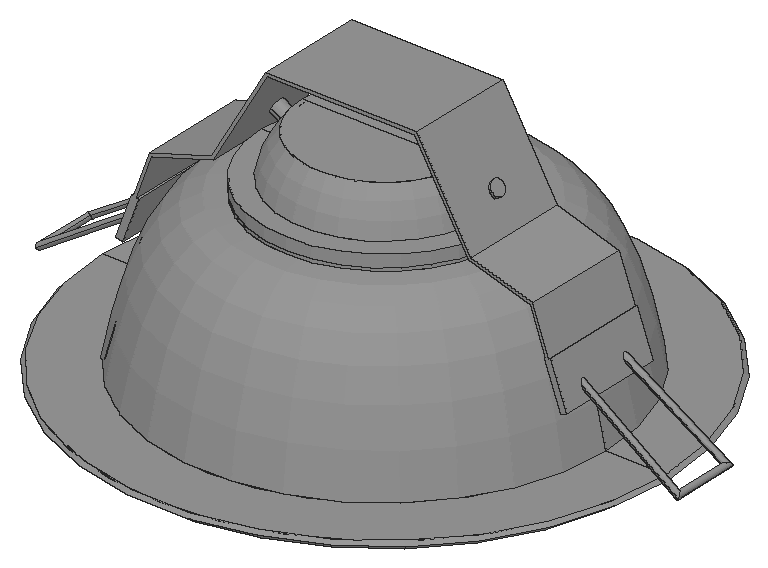
Revit family "63_UN_Downlight_DLH D150_Norton", category Lighting Fixtures, Revit 2019
Family settings
  Round Connector Dimension = Use Diameter
  Part Type = Normal
  OmniClass Number = 23.80.70.11.14.11
  OmniClass Title = Downlights
  Work Plane-Based = No
  Always vertical = Yes
  Cut with Voids When Loaded = No
  Light Source = Yes
  Shared = No
  Room Calculation Point = Yes
Parameters (values of type "DLHW83LM700-1350D150")
  Wattage Comments = "12W"
  Wattage = 9.05468 W
  built-in parameter 1150110 = 1 (stored number, unit not read)
  Voltage = 230 V
  URL = "https://www.ivlibrary.com/"
  Type Comments = "D150"
  built-in parameter 1114217 = 1 (stored number, unit not read)
  Tilt Angle = 90.00°
  built-in parameter 1150109 = 1 (stored number, unit not read)
  built-in parameter 1150134 = 3
  Symbol_ToScale [instance] = not(Symbol_RealSize)  # yes
  Symbol_RealSize [instance] = no
  Switch Code [instance] = ""
  built-in parameter 1150113 = 1 (stored number, unit not read)
  Photometric Web File = "DLHW83LM700-1350D150_LDT.ies"
  Model = "DLH"
  Manufacturer = "Norton"
  built-in parameter 1150105 = 107.03 (stored number, unit not read)
  Luminous Flux (lm) = 1345 lm
  Lumens = 1345 lm
  built-in parameter 1150115 = 1 (stored number, unit not read)
  Luminaire Code [instance] = ""
  built-in parameter 1150137 = (empty or 0)
  built-in parameter 1150139 = (empty or 0)
  built-in parameter 1150112 = 1 (stored number, unit not read)
  built-in parameter 1150114 = 1 (stored number, unit not read)
  Lamp = "LED"
  built-in parameter 1150132 = 2
  built-in parameter 1150102 = (empty or 0)
  built-in parameter 1150107 = 3200 (stored number, unit not read)
  built-in parameter 1150138 = (empty or 0)
  built-in parameter 1150106 = 1.0703 (stored number, unit not read)
  IfcExportType = "USERDEFINED"
  IfcExportAs = "IfcLightFixtureType"
  IP Value = "IP44"
  IK Value = "IK07"
  Housing_Material = Laminate, White
  Emit from Circle Diameter = 80 mm
  Emit Shape Visible in Rendering = no
  built-in parameter 1150104 = 13.8 (stored number, unit not read)
  Dimming Lamp Color Temperature Shift = <None>
  Description = ""
  Content Creator® = "www.ivlibrary.com"
  Color Filter = 16777215
  built-in parameter 1114218 = 1 (stored number, unit not read)
  built-in parameter 1150133 = 10 (stored number, unit not read)
  Assembly Code = "63.0"
  Apparent Load = 12 VA
Types (4, lengths in mm): name | Wattage | Photometric Web File | built-in parameter 1150105 | Luminous Flux (lm) | Lumens | built-in parameter 1150106
  DLHW83LM700-1350D150 | 9.05468 W | "DLHW83LM700-1350D150_LDT.ies" | 107.03 (stored number, unit not read) | 1345 lm | 1345 lm | 1.0703 (stored number, unit not read)
  DLHW84LM750-1400D150 | 9.35763 W | "DLHW84LM750-1400D150_LDT.ies" | 110.61 (stored number, unit not read) | 1390 lm | 1390 lm | 1.1061 (stored number, unit not read)
  DLHZ83LM700-1350D150 | 9.05468 W | "DLHZ83LM700-1350D150_LDT.ies" | 107.03 (stored number, unit not read) | 1345 lm | 1345 lm | 1.0703 (stored number, unit not read)
  DLHZ84LM750-1400D150 | 9.35763 W | "DLHZ84LM750-1400D150_LDT.ies" | 110.61 (stored number, unit not read) | 1390 lm | 1390 lm | 1.1061 (stored number, unit not read)
Reference planes
  plane 1 "Center (Front/Back)": y = 0
  plane 2: z = 0
  plane 3 "Center (Left/Right)": x = 0
Forms (mm)
  Revolve 1, solid, material "Laminate, White" <- "Housing_Material"
    sketch origin (0, 0, 0) x (1, 0, 0) y (0, 0, 1)
      loop
        line (-72.246, 0) -> (-91.724, 0) -> (-92.864, -1.14) -> (-88.821, -3.971) -> (-71.246, -3.971) -> (-71.246, -0.146)
        spline (-71.246, -0.146) -> (-69.663, 8.116) -> (-67.867, 15.612) -> (-65.862, 22.341) -> (-63.648, 28.299) -> (-61.229, 33.484) -> (-58.613, 37.9) -> (-55.807, 41.55) -> (-52.82, 44.437) -> (-49.656, 46.571) -> (-46.305, 47.971) -> (-42.752, 48.653) -> (-38.973, 48.616)
        line (-38.973, 48.616) -> (-38.973, 53.695) -> (-32.475, 53.695)
        arc (-32.475, 53.695) -> (-30.259, 60.845) -> (-26.267, 67.177) r 28.644
        line (-26.267, 67.177) -> (0, 67.177) -> (0, 68.177) -> (-26.731, 68.177)
        arc (-26.731, 68.177) -> (-30.885, 61.859) -> (-33.306, 54.695) r 29.644
        line (-33.306, 54.695) -> (-39.973, 54.695) -> (-39.973, 49.695)
        spline (-39.973, 49.695) -> (-43.799, 49.539) -> (-47.418, 48.658) -> (-50.831, 47.053) -> (-54.037, 44.723) -> (-57.036, 41.668) -> (-59.829, 37.889) -> (-62.415, 33.386) -> (-64.794, 28.158) -> (-66.967, 22.205) -> (-68.933, 15.528) -> (-70.693, 8.126) -> (-72.246, 0)
      axis (0, 68.177) -> (0, -3.971)
    angle from 0 to 360
  Sweep 2, solid, material "Laminate, White" <- "Housing_Material"
    path origin (0, 0, 0) x (1, 0, 0) y (0, 0, 1)
      loop
        line (72.002, 18.484) -> (61.741, 46.675) -> (41.491, 52.866) -> (23.991, 83.177) -> (0, 83.177) -> (-23.991, 83.177) -> (-41.491, 52.866) -> (-61.741, 46.675) -> (-72.002, 18.484)
    profile origin (-11.996, 0, 83.177) x (0, 0, -1) y (0, -1, 0)
      loop
        line (0, 0) -> (0, 17.5) -> (-1.048, 17.5) -> (-1.048, 0) -> (-1.048, -17.5) -> (0, -17.5) -> (0, 0)
  Extrusion 3, solid, material "Laminate, White" <- "Housing_Material"
    sketch origin (39.773, 0, 55.843) x (-0.5, 0, 0.866025) y (0, 1, 0)
      loop
        circle (8.941, 0) r 2.477
    from 5.578 to -2.033
  Extrusion 4, solid, material "Laminate, White" <- "Housing_Material"
    sketch origin (-39.773, 0, 55.843) x (0.5, 0, 0.866025) y (0, -1, 0)
      loop
        circle (8.941, 0) r 2.477
    from 5.578 to -2.161
  Sweep 5, solid, material "Laminate, White" <- "Housing_Material"
    path origin (8.441, 0, 17.874) x (0.838671, 0, 0.544639) y (0, 1, 0)
      loop
        line (-62.547, 8.603) -> (-102.547, 10) -> (-102.547, -10) -> (-62.547, -8.603)
    profile origin (-60.789, 9.302, -27.084) x (-0.029269, -0.999391, -0.019008) y (-0.544639, 0, 0.838671)
      loop
        circle (0, 48.487) r 1
  Extrusion 6, solid, material "Laminate, White" <- "Housing_Material"
    sketch origin (0, 0, 0) x (1, 0, 0) y (0, 0, 1)
      loop
        line (-68.335, 33.34) -> (-73.538, 19.044) -> (-71.45, 18.284) -> (-66.247, 32.58) -> (-68.335, 33.34)
    from 17.5 to -17.5
  Sweep 7, solid, material "Laminate, White" <- "Housing_Material"
    path origin (-8.441, 0, 17.874) x (-0.838671, 0, 0.544639) y (0, -1, 0)
      loop
        line (-62.547, -8.603) -> (-102.547, -10) -> (-102.547, 10) -> (-62.547, 8.603)
    profile origin (60.789, 9.302, -27.084) x (-0.029269, 0.999391, 0.019008) y (0.544639, 0, 0.838671)
      loop
        circle (0, 48.487) r 1
  Extrusion 8, solid, material "Laminate, White" <- "Housing_Material"
    sketch origin (0, 0, 0) x (-1, 0, 0) y (0, 0, -1)
      loop
        line (-68.335, -33.34) -> (-66.247, -32.58) -> (-71.45, -18.284) -> (-73.538, -19.044) -> (-68.335, -33.34)
    from 17.5 to -17.5
  Revolve 9, solid, material "Glass, White, High Luminance"
    sketch origin (0, 0, 0) x (1, 0, 0) y (0, 0, 1)
      loop
        line (-39.973, 50.633) -> (-39.973, 49.695) -> (0, 49.695) -> (0, 50.633) -> (-39.973, 50.633)
      axis (0, 50.633) -> (0, 49.633)
    angle from 0 to 360
Cuts and joins
  joined: Revolve 1, Sweep 2, Sweep 5, Extrusion 6, Sweep 7, Extrusion 8
Lines and regions (mm)
  symbolic lines, visible <- "Symbol_RealSize"
    curve 1: circle (0, 0, 0) r 75 normal (0, 0, 1)
Dimensions and locks
  aligned and locked: level to plane 2
Nested families
  nested 1: "D150 Symbol" at (0, 0, 0), visible <- "Symbol_ToScale", type "D150"
Connectors
  electrical at (0, 0, 0), driven by "Voltage", driven by "Apparent Load"
    settings: index 1, voltage 230 V, apparent load 0 VA, apparent load phase1 12 VA, apparent load phase2 0 VA, apparent load phase3 0 VA, power factor 1, load classification "Lighting", number of poles 1, system type 31, power factor state 1, is connector primary yes, connector utility no, sub classification motor no, connector description ""
Definition of nested family "D150 Symbol"
  Reference planes
    plane 1: y = 0
    plane 2: x = 0
  Lines and regions (mm)
    detail lines
      curve 1: circle (0, 0, 0) r 0.8 normal (0, 0, 1)
